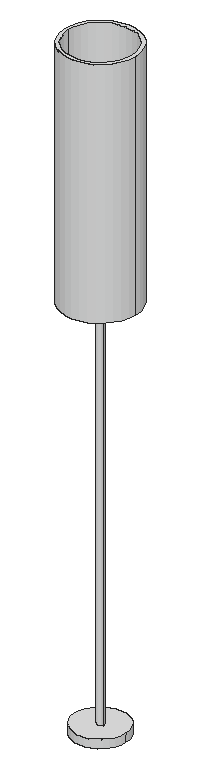
Revit family "Lighting-Surface-Amerlux-Rook-250-Direct", category Lighting Fixtures, host Face, Revit 2020
Family settings
  Host = Face
  Round Connector Dimension = Use Diameter
  Part Type = Normal
  Cut with Voids When Loaded = No
  Light Source = Yes
  Shared = No
  Room Calculation Point = No
Parameters (values of type "RK250RD")
  Wattage = 9.2903 W
  built-in parameter 1150110 = 1 (stored number, unit not read)
  Voltage = 0 V
  URL = "http://www.amerlux.com/"
  built-in parameter 1114217 = 1 (stored number, unit not read)
  Tilt Angle = -90.00°
  built-in parameter 1150109 = 1 (stored number, unit not read)
  built-in parameter 1150134 = 3
  Suspension Length [instance] = 2' - 0"
  built-in parameter 1150113 = 1 (stored number, unit not read)
  Power Factor = 1
  Photometric Web File = "Load File"
  Number of Poles = 1
  built-in parameter 1150142 = (empty or 0)
  Model = "Rook 250"
  Manufacturer = "Amerlux"
  built-in parameter 1150105 = 109.82 (stored number, unit not read)
  Lumens = 1380 lm
  built-in parameter 1150115 = 1 (stored number, unit not read)
  built-in parameter 1150137 = (empty or 0)
  built-in parameter 1150139 = (empty or 0)
  built-in parameter 1150112 = 1 (stored number, unit not read)
  built-in parameter 1150114 = 1 (stored number, unit not read)
  built-in parameter 1150132 = (empty or 0)
  built-in parameter 1150102 = (empty or 0)
  built-in parameter 1150107 = 3200 (stored number, unit not read)
  built-in parameter 1150138 = (empty or 0)
  built-in parameter 1150106 = 1.0982 (stored number, unit not read)
  Height = 0' - 9"
  Fixture Finish = Aluminum Finish
  Emit from Circle Diameter = 0' - 2 1/2"
  Emit Shape Visible in Rendering = no
  built-in parameter 1150104 = 13.8 (stored number, unit not read)
  Dimming Lamp Color Temperature Shift = <None>
  Description = "Pendant"
  Default Elevation = 4' - 0"
  Color Filter = 16777215
  built-in parameter 1114218 = 1 (stored number, unit not read)
  built-in parameter 1150133 = 10 (stored number, unit not read)
  Apparent Load = 0 VA
Reference planes (in)
  plane 1 "Center (Front/Back)": y = 0
  plane 2: z = 0
  plane 3 "Center (Left/Right)": x = 0
  plane 4: z = 0
  plane 5: z = 24
Forms (in)
  Extrusion 1, solid, material "Aluminum Finish"
    sketch origin (0, 0, 0) x (1, 0, 0) y (0, 1, 0)
      loop
        circle (0, 0) r 1.375
    from 15 to 24
  Extrusion 2, solid, material "Aluminum Finish"
    sketch origin (0, 0, 0) x (1, 0, 0) y (0, 1, 0)
      loop
        circle (0, 0) r 0.12492
    from 0 to 15
  Extrusion 3, solid, material "Aluminum Finish"
    sketch origin (0, 0, 0) x (1, 0, 0) y (0, 1, 0)
      loop
        circle (0, 0) r 1
    from 0 to 0.31343
  Extrusion 4, void
    sketch origin (0, 0, 0) x (1, 0, 0) y (0, 1, 0)
      loop
        circle (0, 0) r 1.25
    from 22.12399 to 24
Cuts and joins
  Extrusion 4 cuts Extrusion 2
  Extrusion 4 cuts Extrusion 3
  Extrusion 4 cuts Extrusion 1
Dimensions and locks (in)
  plane 4 to host face = 0' - 0"
  "Height": Extrusion 1 to Extrusion 1
  "Suspension Length": plane 5 to host face
  locked: Extrusion 4 to Extrusion 1 at 1.87601
  diameter of Extrusion 1 sketch curve = 0' - 2 3/4"
  aligned and locked: plane 2 to host face
  aligned and locked: level to host face
  aligned and locked: plane 3 "Center (Left/Right)" to imposter light
  aligned and locked: imposter light to plane 1 "Center (Front/Back)"
  aligned and locked: plane 5 to Extrusion 1
  aligned and locked: plane 5 to imposter light
  aligned and locked: Extrusion 2 to Extrusion 1
  aligned and locked: Extrusion 2 to level
  aligned and locked: imposter light to Extrusion 4
Automatic sketch dimensions
  host sketch curve to host sketch curve = 8' - 0"  (x2)
  plane 1 "Center (Front/Back)" to Extrusion 1 sketch curve = 0' - 0"
  Extrusion 1 sketch curve to plane 3 "Center (Left/Right)" = 0' - 0"
  plane 1 "Center (Front/Back)" to Extrusion 2 sketch curve = 0' - 0"
  Extrusion 2 sketch curve to plane 3 "Center (Left/Right)" = 0' - 0"
  plane 1 "Center (Front/Back)" to Extrusion 3 sketch curve = 0' - 0"
  Extrusion 3 sketch curve to plane 3 "Center (Left/Right)" = 0' - 0"
  plane 1 "Center (Front/Back)" to Extrusion 4 sketch curve = 0' - 0"
  Extrusion 4 sketch curve to plane 3 "Center (Left/Right)" = 0' - 0"
  radius of Extrusion 2 sketch curve = 0' - 0.12492"
  radius of Extrusion 3 sketch curve = 0' - 1"
  radius of Extrusion 4 sketch curve = 0' - 1 1/4"
Connectors (in)
  electrical at (0, 0, 0), driven by "Number of Poles", driven by "Voltage", driven by "Apparent Load", driven by "Power Factor"
    settings: on cut or joined group of Extrusion 3, Extrusion 4, index 1, voltage 0 V, apparent load 0 VA, apparent load phase1 0 VA, apparent load phase2 0 VA, apparent load phase3 0 VA, power factor 1, load classification "Other", number of poles 1, system type 31, power factor state 1, is connector primary yes, connector utility no, sub classification motor no, connector description ""
